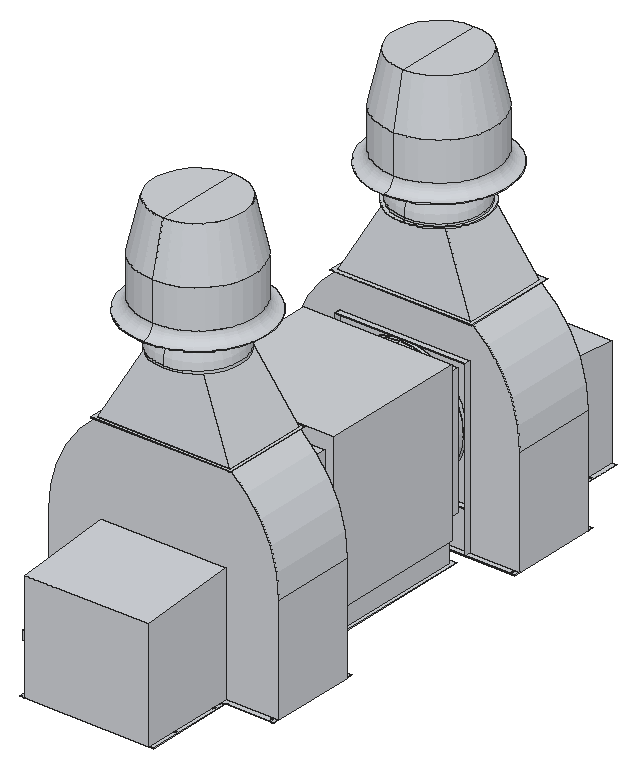
Revit family "CAVP_Opposed_with_Mixing_Box", category Mechanical Equipment, Revit 2019 (continued)
Types (228): name | TRANSITION/2 | TRANSITION | RO/2 | R-((B/2)+1.5") | R+((B/2)+1.5") | R*1.1 | R | OPP | MB_P-4.5" | MB_P+.25" | P | NOZZLE_WB_RAD-2" | NOZZLE_WB_RAD | NOZZLE_WB_OD | NOZZLE_WB/4 | NOZZLE_TOP_RAD | NOZZLE_TOP_OD | NOZZLE_SIZE | NOZZLE_HEIGHT/7*2 | NOZZLE_HEIGHT | NOZZLE_BOTTOM_RAD-3*2 | NOZZLE_BOTTOM_RAD | NOZZLE_BOTTOM_ID | MB_N-(D-J-K-L) | N+(H/2) | N | MB_Q | MB_P | MB_N | MB_HEIGHT/2 | MB_HEIGHT | MB_F | MB_A-D-MB_N-(D-J-K-L) | MB_A | M-(2*(D-L-K-J)) | M | L | K | J+K+L | J | HEIGHT | H/2 | H | F/2 | MB_F-3" | F | E/52*15 | E/2 | E | D-M | D-L-K-J | D | CURB_HEIGHT | CLASS | C/2 | C | B/4 | B/2 | B | A/2 | A | Type Comments | -MB_P-.25" | -(F-((F-H)/2))/2 | -((MB_Q / 2) + 1/8") | (NOZZLE_WB_OD - NOZZLE_TOP_OD) / 4 | (NOZZLE_HEIGHT - (NOZZLE_HEIGHT / 8 * 2)) / 2 | (MB_Q/2)+.125" | (MB_P/2)+.125" | (M - (2 * (D - L - K - J)))/2 | (F-((F-H)/2))/2 | (D-J-K-L)*2 | (B/2)-.125" | (B/2)+1.5" | ((M - (2 * (D - L - K - J))) / 2) + (TRANSITION / 2)
  365_CAVP-27L_CLASS_2_Dual_Opposed_Mixing_Box | 13.54551" | 27.09103" | 23 3/4" | 13 9/32" | 58 23/32" | 39.6" | 36" | 212 1/2" | 47 1/2" | 52 1/4" | 18 1/2" | 28 1/2" | 30 1/2" | 61" | 12.2" | 19 27/32" | 39 11/16" | 27" | 15 5/32" | 60 5/8" | 13 5/32" | 19 5/32" | 38 5/16" | 13 3/16" | 36 21/32" | 15 7/32" | 52" | 52" | 14 3/16" | 29 1/8" | 58 1/4" | 10 1/2" | 78 1/4" | 160 9/16" | 28 1/8" | 30 1/8" | 32 1/8" | 23" | 66 1/8" | 11" | 69.76237" | 21 7/16" | 42 7/8" | 22 7/16" | 7 1/2" | 44 7/8" | 22.30168" | 38 21/32" | 77 5/16" | 37" | 1" | 67 1/8" | 12" | 2" | 46 3/32" | 92 3/16" | 10 39/64" | 21 7/32" | 42 7/16" | 76 29/32" | 153 13/16" | "Dual Vari-Plume Laboratory Exhaust Centrifugal Airfoil Class 2 Arr 10 With Opposed Mixing Box" | -52 1/4" | -20 7/16" | -26 1/8" | 5 21/64" | 22 47/64" | 26 1/8" | 26 1/8" | 14 1/16" | 20 7/16" | 2" | 21 3/32" | 22 23/32" | 27.60801"
  402_CAVP-27H_CLASS_1_Dual_Opposed_Mixing_Box | 13.54551" | 27.09103" | 25 3/4" | 15 29/32" | 64 3/32" | 44" | 40" | 225 1/2" | 51 1/2" | 56 1/4" | 18 1/4" | 28 1/2" | 30 1/2" | 61" | 12.2" | 19 27/32" | 39 11/16" | 27" | 15 5/32" | 60 5/8" | 13 5/32" | 19 5/32" | 38 5/16" | 12 3/16" | 40 15/32" | 17 3/32" | 56" | 56" | 13 9/16" | 32 1/4" | 64 1/2" | 12 5/8" | 83 7/8" | 171 1/16" | 31 1/2" | 34 1/4" | 36 1/2" | 21 7/8" | 70 7/8" | 12 1/2" | 77.09221" | 23 3/8" | 46 3/4" | 24 3/8" | 9 5/8" | 48 3/4" | 24.5012" | 42 15/32" | 84 15/16" | 38" | 1 3/8" | 72 1/4" | 12" | 1" | 50 3/8" | 100 3/4" | 11 19/64" | 22 19/32" | 45 3/16" | 89 3/8" | 178 3/4" | "Dual Vari-Plume Laboratory Exhaust Centrifugal Airfoil Class 1 Arr 10 With Opposed Mixing Box" | -56 1/4" | -22 3/8" | -28 1/8" | 5 21/64" | 22 47/64" | 28 1/8" | 28 1/8" | 15 3/4" | 22 3/8" | 2 3/4" | 22 15/32" | 24 3/32" | 29.29551"
  402_CAVP-27L_CLASS_1_Dual_Opposed_Mixing_Box | 13.54551" | 27.09103" | 25 3/4" | 15 29/32" | 64 3/32" | 44" | 40" | 225 1/2" | 51 1/2" | 56 1/4" | 18 1/4" | 28 1/2" | 30 1/2" | 61" | 12.2" | 19 27/32" | 39 11/16" | 27" | 15 5/32" | 60 5/8" | 13 5/32" | 19 5/32" | 38 5/16" | 12 3/16" | 40 15/32" | 17 3/32" | 56" | 56" | 13 9/16" | 32 1/4" | 64 1/2" | 12 5/8" | 83 7/8" | 171 1/16" | 31 1/2" | 34 1/4" | 36 1/2" | 21 7/8" | 70 7/8" | 12 1/2" | 77.09221" | 23 3/8" | 46 3/4" | 24 3/8" | 9 5/8" | 48 3/4" | 24.5012" | 42 15/32" | 84 15/16" | 38" | 1 3/8" | 72 1/4" | 12" | 1" | 50 3/8" | 100 3/4" | 11 19/64" | 22 19/32" | 45 3/16" | 89 3/8" | 178 3/4" | "Dual Vari-Plume Laboratory Exhaust Centrifugal Airfoil Class 1 Arr 10 With Opposed Mixing Box" | -56 1/4" | -22 3/8" | -28 1/8" | 5 21/64" | 22 47/64" | 28 1/8" | 28 1/8" | 15 3/4" | 22 3/8" | 2 3/4" | 22 15/32" | 24 3/32" | 29.29551"
  402_CAVP-27H_CLASS_2_Dual_Opposed_Mixing_Box | 13.54551" | 27.09103" | 25 3/4" | 15 29/32" | 64 3/32" | 44" | 40" | 225 1/2" | 51 1/2" | 56 1/4" | 19 1/2" | 28 1/2" | 30 1/2" | 61" | 12.2" | 19 27/32" | 39 11/16" | 27" | 15 5/32" | 60 5/8" | 13 5/32" | 19 5/32" | 38 5/16" | 12 3/16" | 40 15/32" | 17 3/32" | 56" | 56" | 13 9/16" | 32 1/4" | 64 1/2" | 12 5/8" | 83 7/8" | 171 1/16" | 31 1/2" | 34 1/4" | 36 1/2" | 21 7/8" | 70 7/8" | 12 1/2" | 77.09221" | 23 3/8" | 46 3/4" | 24 3/8" | 9 5/8" | 48 3/4" | 24.5012" | 42 15/32" | 84 15/16" | 38" | 1 3/8" | 72 1/4" | 12" | 2" | 50 3/8" | 100 3/4" | 11 19/64" | 22 19/32" | 45 3/16" | 89 3/8" | 178 3/4" | "Dual Vari-Plume Laboratory Exhaust Centrifugal Airfoil Class 2 Arr 10 With Opposed Mixing Box" | -56 1/4" | -22 3/8" | -28 1/8" | 5 21/64" | 22 47/64" | 28 1/8" | 28 1/8" | 15 3/4" | 22 3/8" | 2 3/4" | 22 15/32" | 24 3/32" | 29.29551"
  402_CAVP-27L_CLASS_2_Dual_Opposed_Mixing_Box | 13.54551" | 27.09103" | 25 3/4" | 15 29/32" | 64 3/32" | 44" | 40" | 225 1/2" | 51 1/2" | 56 1/4" | 19 1/2" | 28 1/2" | 30 1/2" | 61" | 12.2" | 19 27/32" | 39 11/16" | 27" | 15 5/32" | 60 5/8" | 13 5/32" | 19 5/32" | 38 5/16" | 12 3/16" | 40 15/32" | 17 3/32" | 56" | 56" | 13 9/16" | 32 1/4" | 64 1/2" | 12 5/8" | 83 7/8" | 171 1/16" | 31 1/2" | 34 1/4" | 36 1/2" | 21 7/8" | 70 7/8" | 12 1/2" | 77.09221" | 23 3/8" | 46 3/4" | 24 3/8" | 9 5/8" | 48 3/4" | 24.5012" | 42 15/32" | 84 15/16" | 38" | 1 3/8" | 72 1/4" | 12" | 2" | 50 3/8" | 100 3/4" | 11 19/64" | 22 19/32" | 45 3/16" | 89 3/8" | 178 3/4" | "Dual Vari-Plume Laboratory Exhaust Centrifugal Airfoil Class 2 Arr 10 With Opposed Mixing Box" | -56 1/4" | -22 3/8" | -28 1/8" | 5 21/64" | 22 47/64" | 28 1/8" | 28 1/8" | 15 3/4" | 22 3/8" | 2 3/4" | 22 15/32" | 24 3/32" | 29.29551"
  445_CAVP-27H_CLASS_1_Dual_Opposed_Mixing_Box | 13.54551" | 27.09103" | 27 3/4" | 17 25/32" | 70 7/32" | 48.4" | 44" | 245" | 55 1/2" | 60 1/4" | 18 1/4" | 28 1/2" | 30 1/2" | 61" | 12.2" | 19 27/32" | 39 11/16" | 27" | 15 5/32" | 60 5/8" | 13 5/32" | 19 5/32" | 38 5/16" | 12 3/16" | 44 27/32" | 19 15/32" | 60" | 60" | 13 9/16" | 34 7/8" | 69 3/4" | 14 1/2" | 91 1/4" | 186 3/16" | 34 3/4" | 37 1/2" | 39 3/4" | 25 7/8" | 78 5/8" | 13" | 84.91333" | 25 3/8" | 50 3/4" | 26 3/8" | 11 1/2" | 52 3/4" | 27.02524" | 46 27/32" | 93 11/16" | 42 1/2" | 1 3/8" | 80" | 12" | 1" | 56 7/16" | 112 7/8" | 12 23/64" | 24 23/32" | 49 7/16" | 95 7/16" | 190 7/8" | "Dual Vari-Plume Laboratory Exhaust Centrifugal Airfoil Class 1 Arr 10 With Opposed Mixing Box" | -60 1/4" | -24 3/8" | -30 1/8" | 5 21/64" | 22 47/64" | 30 1/8" | 30 1/8" | 17 3/8" | 24 3/8" | 2 3/4" | 24 19/32" | 26 7/32" | 30.92051"
  445_CAVP-27L_CLASS_1_Dual_Opposed_Mixing_Box | 13.54551" | 27.09103" | 27 3/4" | 17 25/32" | 70 7/32" | 48.4" | 44" | 245" | 55 1/2" | 60 1/4" | 18 1/4" | 28 1/2" | 30 1/2" | 61" | 12.2" | 19 27/32" | 39 11/16" | 27" | 15 5/32" | 60 5/8" | 13 5/32" | 19 5/32" | 38 5/16" | 12 3/16" | 44 27/32" | 19 15/32" | 60" | 60" | 13 9/16" | 34 7/8" | 69 3/4" | 14 1/2" | 91 1/4" | 186 3/16" | 34 3/4" | 37 1/2" | 39 3/4" | 25 7/8" | 78 5/8" | 13" | 84.91333" | 25 3/8" | 50 3/4" | 26 3/8" | 11 1/2" | 52 3/4" | 27.02524" | 46 27/32" | 93 11/16" | 42 1/2" | 1 3/8" | 80" | 12" | 1" | 56 7/16" | 112 7/8" | 12 23/64" | 24 23/32" | 49 7/16" | 95 7/16" | 190 7/8" | "Dual Vari-Plume Laboratory Exhaust Centrifugal Airfoil Class 1 Arr 10 With Opposed Mixing Box" | -60 1/4" | -24 3/8" | -30 1/8" | 5 21/64" | 22 47/64" | 30 1/8" | 30 1/8" | 17 3/8" | 24 3/8" | 2 3/4" | 24 19/32" | 26 7/32" | 30.92051"
  445_CAVP-27H_CLASS_2_Dual_Opposed_Mixing_Box | 13.54551" | 27.09103" | 27 3/4" | 17 25/32" | 70 7/32" | 48.4" | 44" | 245" | 55 1/2" | 60 1/4" | 19 1/2" | 28 1/2" | 30 1/2" | 61" | 12.2" | 19 27/32" | 39 11/16" | 27" | 15 5/32" | 60 5/8" | 13 5/32" | 19 5/32" | 38 5/16" | 12 3/16" | 44 27/32" | 19 15/32" | 60" | 60" | 13 9/16" | 34 7/8" | 69 3/4" | 14 1/2" | 91 1/4" | 186 3/16" | 34 3/4" | 37 1/2" | 39 3/4" | 25 7/8" | 78 5/8" | 13" | 84.91333" | 25 3/8" | 50 3/4" | 26 3/8" | 11 1/2" | 52 3/4" | 27.02524" | 46 27/32" | 93 11/16" | 42 1/2" | 1 3/8" | 80" | 12" | 2" | 56 7/16" | 112 7/8" | 12 23/64" | 24 23/32" | 49 7/16" | 95 7/16" | 190 7/8" | "Dual Vari-Plume Laboratory Exhaust Centrifugal Airfoil Class 2 Arr 10 With Opposed Mixing Box" | -60 1/4" | -24 3/8" | -30 1/8" | 5 21/64" | 22 47/64" | 30 1/8" | 30 1/8" | 17 3/8" | 24 3/8" | 2 3/4" | 24 19/32" | 26 7/32" | 30.92051"
  445_CAVP-27L_CLASS_2_Dual_Opposed_Mixing_Box | 13.54551" | 27.09103" | 27 3/4" | 17 25/32" | 70 7/32" | 48.4" | 44" | 245" | 55 1/2" | 60 1/4" | 19 1/2" | 28 1/2" | 30 1/2" | 61" | 12.2" | 19 27/32" | 39 11/16" | 27" | 15 5/32" | 60 5/8" | 13 5/32" | 19 5/32" | 38 5/16" | 12 3/16" | 44 27/32" | 19 15/32" | 60" | 60" | 13 9/16" | 34 7/8" | 69 3/4" | 14 1/2" | 91 1/4" | 186 3/16" | 34 3/4" | 37 1/2" | 39 3/4" | 25 7/8" | 78 5/8" | 13" | 84.91333" | 25 3/8" | 50 3/4" | 26 3/8" | 11 1/2" | 52 3/4" | 27.02524" | 46 27/32" | 93 11/16" | 42 1/2" | 1 3/8" | 80" | 12" | 2" | 56 7/16" | 112 7/8" | 12 23/64" | 24 23/32" | 49 7/16" | 95 7/16" | 190 7/8" | "Dual Vari-Plume Laboratory Exhaust Centrifugal Airfoil Class 2 Arr 10 With Opposed Mixing Box" | -60 1/4" | -24 3/8" | -30 1/8" | 5 21/64" | 22 47/64" | 30 1/8" | 30 1/8" | 17 3/8" | 24 3/8" | 2 3/4" | 24 19/32" | 26 7/32" | 30.92051"
  490_CAVP-27H_CLASS_1_Dual_Opposed_Mixing_Box | 13.54551" | 27.09103" | 30 3/4" | 19" | 77" | 52.8" | 48" | 250 7/8" | 61 1/2" | 66 1/4" | 18 1/2" | 28 1/2" | 30 1/2" | 61" | 12.2" | 19 27/32" | 39 11/16" | 27" | 15 5/32" | 60 5/8" | 13 5/32" | 19 5/32" | 38 5/16" | 12 3/16" | 49 15/32" | 20 5/8" | 66" | 66" | 13 9/16" | 35 3/8" | 70 3/4" | 15 3/4" | 97" | 191 7/8" | 38 3/16" | 40 15/16" | 43 3/16" | 21 7/8" | 78 9/16" | 13 1/2" | 92.95281" | 28 27/32" | 57 11/16" | 29 27/32" | 12 3/4" | 59 11/16" | 29.69351" | 51 15/32" | 102 15/16" | 39" | 1 3/8" | 79 15/16" | 12" | 1" | 61 17/32" | 123 1/16" | 13 3/4" | 27 1/2" | 55" | 108 29/32" | 217 13/16" | "Dual Vari-Plume Laboratory Exhaust Centrifugal Airfoil Class 1 Arr 10 With Opposed Mixing Box" | -66 1/4" | -27 27/32" | -33 1/8" | 5 21/64" | 22 47/64" | 33 1/8" | 33 1/8" | 19 3/32" | 27 27/32" | 2 3/4" | 27 3/8" | 29" | 32.63926"
  490_CAVP-27L_CLASS_1_Dual_Opposed_Mixing_Box | 13.54551" | 27.09103" | 30 3/4" | 19" | 77" | 52.8" | 48" | 250 7/8" | 61 1/2" | 66 1/4" | 18 1/2" | 28 1/2" | 30 1/2" | 61" | 12.2" | 19 27/32" | 39 11/16" | 27" | 15 5/32" | 60 5/8" | 13 5/32" | 19 5/32" | 38 5/16" | 12 3/16" | 49 15/32" | 20 5/8" | 66" | 66" | 13 9/16" | 35 3/8" | 70 3/4" | 15 3/4" | 97" | 191 7/8" | 38 3/16" | 40 15/16" | 43 3/16" | 21 7/8" | 78 9/16" | 13 1/2" | 92.95281" | 28 27/32" | 57 11/16" | 29 27/32" | 12 3/4" | 59 11/16" | 29.69351" | 51 15/32" | 102 15/16" | 39" | 1 3/8" | 79 15/16" | 12" | 1" | 61 17/32" | 123 1/16" | 13 3/4" | 27 1/2" | 55" | 108 29/32" | 217 13/16" | "Dual Vari-Plume Laboratory Exhaust Centrifugal Airfoil Class 1 Arr 10 With Opposed Mixing Box" | -66 1/4" | -27 27/32" | -33 1/8" | 5 21/64" | 22 47/64" | 33 1/8" | 33 1/8" | 19 3/32" | 27 27/32" | 2 3/4" | 27 3/8" | 29" | 32.63926"
  490_CAVP-27H_CLASS_2_Dual_Opposed_Mixing_Box | 13.54551" | 27.09103" | 30 3/4" | 19" | 77" | 52.8" | 48" | 258 7/8" | 61 1/2" | 66 1/4" | 21 7/8" | 28 1/2" | 30 1/2" | 61" | 12.2" | 19 27/32" | 39 11/16" | 27" | 15 5/32" | 60 5/8" | 13 5/32" | 19 5/32" | 38 5/16" | 12 3/16" | 49 15/32" | 20 5/8" | 66" | 66" | 13 9/16" | 35 3/8" | 70 3/4" | 15 3/4" | 97" | 195 7/8" | 38 3/16" | 40 15/16" | 43 3/16" | 25 7/8" | 82 9/16" | 13 1/2" | 92.95281" | 28 27/32" | 57 11/16" | 29 27/32" | 12 3/4" | 59 11/16" | 29.69351" | 51 15/32" | 102 15/16" | 43" | 1 3/8" | 83 15/16" | 12" | 2" | 61 17/32" | 123 1/16" | 13 3/4" | 27 1/2" | 55" | 108 29/32" | 217 13/16" | "Dual Vari-Plume Laboratory Exhaust Centrifugal Airfoil Class 2 Arr 10 With Opposed Mixing Box" | -66 1/4" | -27 27/32" | -33 1/8" | 5 21/64" | 22 47/64" | 33 1/8" | 33 1/8" | 19 3/32" | 27 27/32" | 2 3/4" | 27 3/8" | 29" | 32.63926"
  490_CAVP-27L_CLASS_2_Dual_Opposed_Mixing_Box | 13.54551" | 27.09103" | 30 3/4" | 19" | 77" | 52.8" | 48" | 258 7/8" | 61 1/2" | 66 1/4" | 21 7/8" | 28 1/2" | 30 1/2" | 61" | 12.2" | 19 27/32" | 39 11/16" | 27" | 15 5/32" | 60 5/8" | 13 5/32" | 19 5/32" | 38 5/16" | 12 3/16" | 49 15/32" | 20 5/8" | 66" | 66" | 13 9/16" | 35 3/8" | 70 3/4" | 15 3/4" | 97" | 195 7/8" | 38 3/16" | 40 15/16" | 43 3/16" | 25 7/8" | 82 9/16" | 13 1/2" | 92.95281" | 28 27/32" | 57 11/16" | 29 27/32" | 12 3/4" | 59 11/16" | 29.69351" | 51 15/32" | 102 15/16" | 43" | 1 3/8" | 83 15/16" | 12" | 2" | 61 17/32" | 123 1/16" | 13 3/4" | 27 1/2" | 55" | 108 29/32" | 217 13/16" | "Dual Vari-Plume Laboratory Exhaust Centrifugal Airfoil Class 2 Arr 10 With Opposed Mixing Box" | -66 1/4" | -27 27/32" | -33 1/8" | 5 21/64" | 22 47/64" | 33 1/8" | 33 1/8" | 19 3/32" | 27 27/32" | 2 3/4" | 27 3/8" | 29" | 32.63926"
